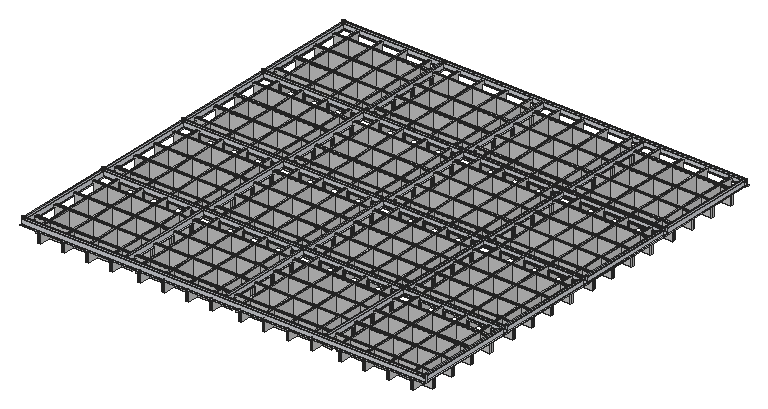
Revit family "GRD-WFL-001_RFA", category Modelos genéricos, Revit 2022 (continued)
Forms (in)
  Extrusion 549, solid
    sketch origin (35.61879, 23.99827, -1.20924) x (0, 1, 0) y (0, 0, -1)
      loop
        line (0.96881, 1.14538) -> (0.96881, -1.85462) -> (0.65631, -1.85462) -> (0.65631, -2.35462) -> (0.96881, -2.35462) -> (3.48948, -2.35462) -> (3.48948, -0.60462) -> (4.19814, -0.60462) -> (4.19814, -2.35462) -> (9.23948, -2.35462) -> (9.23948, -0.60462) -> (9.94814, -0.60462) -> (9.94814, -2.35462) -> (14.98948, -2.35462) -> (14.98948, -0.60462) -> (15.69814, -0.60462) -> (15.69814, -2.35462) -> (20.73948, -2.35462) -> (20.73948, -0.60462) -> (21.44814, -0.60462) -> (21.44814, -2.35462) -> (24.28131, -2.35462) -> (24.28131, -1.85462) -> (23.96881, -1.85462) -> (23.96881, 1.14538) -> (0.96881, 1.14538)
    from -3.96341 to -3.49097
  Extrusion 550, solid
    sketch origin (41.36879, 23.99827, -1.20924) x (0, 1, 0) y (0, 0, -1)
      loop
        line (0.96881, 1.14538) -> (0.96881, -1.85462) -> (0.65631, -1.85462) -> (0.65631, -2.35462) -> (0.96881, -2.35462) -> (3.48948, -2.35462) -> (3.48948, -0.60462) -> (4.19814, -0.60462) -> (4.19814, -2.35462) -> (9.23948, -2.35462) -> (9.23948, -0.60462) -> (9.94814, -0.60462) -> (9.94814, -2.35462) -> (14.98948, -2.35462) -> (14.98948, -0.60462) -> (15.69814, -0.60462) -> (15.69814, -2.35462) -> (20.73948, -2.35462) -> (20.73948, -0.60462) -> (21.44814, -0.60462) -> (21.44814, -2.35462) -> (24.28131, -2.35462) -> (24.28131, -1.85462) -> (23.96881, -1.85462) -> (23.96881, 1.14538) -> (0.96881, 1.14538)
    from -3.96341 to -3.49097
  Extrusion 551, solid
    sketch origin (24.00217, 47.99851, 0) x (1, 0, 0) y (0, 0, 1)
      loop
        line (0.96881, 0.64538) -> (0.96881, -2.35462) -> (3.48948, -2.35462) -> (3.48948, -0.60462) -> (4.19814, -0.60462) -> (4.19814, -2.35462) -> (9.23948, -2.35462) -> (9.23948, -0.60462) -> (9.94814, -0.60462) -> (9.94814, -2.35462) -> (14.98948, -2.35462) -> (14.98948, -0.60462) -> (15.69814, -0.60462) -> (15.69814, -2.35462) -> (20.73948, -2.35462) -> (20.73948, -0.60462) -> (21.44814, -0.60462) -> (21.44814, -2.35462) -> (23.96881, -2.35462) -> (23.96881, 0.64538) -> (24.28131, 0.64538) -> (24.28131, 1.14538) -> (0.65631, 1.14538) -> (0.65631, 0.64538) -> (0.96881, 0.64538)
    from -3.60908 to -3.49097
  Extrusion 552, solid
    sketch origin (24.00217, 47.99851, 0) x (1, 0, 0) y (0, 0, 1)
      loop
        line (0.96881, 0.64538) -> (0.96881, -2.35462) -> (3.48948, -2.35462) -> (3.48948, -0.60462) -> (4.19814, -0.60462) -> (4.19814, -2.35462) -> (9.23948, -2.35462) -> (9.23948, -0.60462) -> (9.94814, -0.60462) -> (9.94814, -2.35462) -> (14.98948, -2.35462) -> (14.98948, -0.60462) -> (15.69814, -0.60462) -> (15.69814, -2.35462) -> (20.73948, -2.35462) -> (20.73948, -0.60462) -> (21.44814, -0.60462) -> (21.44814, -2.35462) -> (23.96881, -2.35462) -> (23.96881, 0.64538) -> (24.28131, 0.64538) -> (24.28131, 1.14538) -> (0.65631, 1.14538) -> (0.65631, 0.64538) -> (0.96881, 0.64538)
    from -4.08152 to -3.60908
  Extrusion 553, solid
    sketch origin (24.00217, 47.99851, 0) x (1, 0, 0) y (0, 0, 1)
      loop
        line (0.96881, 0.64538) -> (0.96881, -2.35462) -> (3.48948, -2.35462) -> (3.48948, -0.60462) -> (4.19814, -0.60462) -> (4.19814, -2.35462) -> (9.23948, -2.35462) -> (9.23948, -0.60462) -> (9.94814, -0.60462) -> (9.94814, -2.35462) -> (14.98948, -2.35462) -> (14.98948, -0.60462) -> (15.69814, -0.60462) -> (15.69814, -2.35462) -> (20.73948, -2.35462) -> (20.73948, -0.60462) -> (21.44814, -0.60462) -> (21.44814, -2.35462) -> (23.96881, -2.35462) -> (23.96881, 0.64538) -> (24.28131, 0.64538) -> (24.28131, 1.14538) -> (0.65631, 1.14538) -> (0.65631, 0.64538) -> (0.96881, 0.64538)
    from -4.19963 to -4.08152
  Extrusion 554, solid
    sketch origin (24.00068, 47.99999, -1.20924) x (0, 1, 0) y (0, 0, -1)
      loop
        line (0.96881, 1.14538) -> (0.96881, -1.85462) -> (0.65631, -1.85462) -> (0.65631, -2.35462) -> (0.96881, -2.35462) -> (3.48948, -2.35462) -> (3.48948, -0.60462) -> (4.19814, -0.60462) -> (4.19814, -2.35462) -> (9.23948, -2.35462) -> (9.23948, -0.60462) -> (9.94814, -0.60462) -> (9.94814, -2.35462) -> (14.98948, -2.35462) -> (14.98948, -0.60462) -> (15.69814, -0.60462) -> (15.69814, -2.35462) -> (20.73948, -2.35462) -> (20.73948, -0.60462) -> (21.44814, -0.60462) -> (21.44814, -2.35462) -> (24.28131, -2.35462) -> (24.28131, -1.85462) -> (23.96881, -1.85462) -> (23.96881, 1.14538) -> (0.96881, 1.14538)
    from -3.60908 to -3.49097
  Extrusion 555, solid
    sketch origin (24.11879, 47.99999, -1.20924) x (0, 1, 0) y (0, 0, -1)
      loop
        line (0.96881, 1.14538) -> (0.96881, -1.85462) -> (0.65631, -1.85462) -> (0.65631, -2.35462) -> (0.96881, -2.35462) -> (3.48948, -2.35462) -> (3.48948, -0.60462) -> (4.19814, -0.60462) -> (4.19814, -2.35462) -> (9.23948, -2.35462) -> (9.23948, -0.60462) -> (9.94814, -0.60462) -> (9.94814, -2.35462) -> (14.98948, -2.35462) -> (14.98948, -0.60462) -> (15.69814, -0.60462) -> (15.69814, -2.35462) -> (20.73948, -2.35462) -> (20.73948, -0.60462) -> (21.44814, -0.60462) -> (21.44814, -2.35462) -> (24.28131, -2.35462) -> (24.28131, -1.85462) -> (23.96881, -1.85462) -> (23.96881, 1.14538) -> (0.96881, 1.14538)
    from -3.96341 to -3.49097
  Extrusion 556, solid
    sketch origin (24.00068, 47.99999, -1.20924) x (0, 1, 0) y (0, 0, -1)
      loop
        line (0.96881, 1.14538) -> (0.96881, -1.85462) -> (0.65631, -1.85462) -> (0.65631, -2.35462) -> (0.96881, -2.35462) -> (3.48948, -2.35462) -> (3.48948, -0.60462) -> (4.19814, -0.60462) -> (4.19814, -2.35462) -> (9.23948, -2.35462) -> (9.23948, -0.60462) -> (9.94814, -0.60462) -> (9.94814, -2.35462) -> (14.98948, -2.35462) -> (14.98948, -0.60462) -> (15.69814, -0.60462) -> (15.69814, -2.35462) -> (20.73948, -2.35462) -> (20.73948, -0.60462) -> (21.44814, -0.60462) -> (21.44814, -2.35462) -> (24.28131, -2.35462) -> (24.28131, -1.85462) -> (23.96881, -1.85462) -> (23.96881, 1.14538) -> (0.96881, 1.14538)
    from -4.19963 to -4.08152
  Extrusion 557, solid
    sketch origin (24.00217, 47.99851, 0) x (1, 0, 0) y (0, 0, 1)
      loop
        line (0.96881, 0.64538) -> (0.96881, -2.35462) -> (3.48948, -2.35462) -> (3.48948, -0.60462) -> (4.19814, -0.60462) -> (4.19814, -2.35462) -> (9.23948, -2.35462) -> (9.23948, -0.60462) -> (9.94814, -0.60462) -> (9.94814, -2.35462) -> (14.98948, -2.35462) -> (14.98948, -0.60462) -> (15.69814, -0.60462) -> (15.69814, -2.35462) -> (20.73948, -2.35462) -> (20.73948, -0.60462) -> (21.44814, -0.60462) -> (21.44814, -2.35462) -> (23.96881, -2.35462) -> (23.96881, 0.64538) -> (24.28131, 0.64538) -> (24.28131, 1.14538) -> (0.65631, 1.14538) -> (0.65631, 0.64538) -> (0.96881, 0.64538)
    from -9.94963 to -9.83152
  Extrusion 558, solid
    sketch origin (24.00217, 47.99851, 0) x (1, 0, 0) y (0, 0, 1)
      loop
        line (0.96881, 0.64538) -> (0.96881, -2.35462) -> (3.48948, -2.35462) -> (3.48948, -0.60462) -> (4.19814, -0.60462) -> (4.19814, -2.35462) -> (9.23948, -2.35462) -> (9.23948, -0.60462) -> (9.94814, -0.60462) -> (9.94814, -2.35462) -> (14.98948, -2.35462) -> (14.98948, -0.60462) -> (15.69814, -0.60462) -> (15.69814, -2.35462) -> (20.73948, -2.35462) -> (20.73948, -0.60462) -> (21.44814, -0.60462) -> (21.44814, -2.35462) -> (23.96881, -2.35462) -> (23.96881, 0.64538) -> (24.28131, 0.64538) -> (24.28131, 1.14538) -> (0.65631, 1.14538) -> (0.65631, 0.64538) -> (0.96881, 0.64538)
    from -9.35908 to -9.24097
  Extrusion 559, solid
    sketch origin (24.00217, 47.99851, 0) x (1, 0, 0) y (0, 0, 1)
      loop
        line (0.96881, 0.64538) -> (0.96881, -2.35462) -> (3.48948, -2.35462) -> (3.48948, -0.60462) -> (4.19814, -0.60462) -> (4.19814, -2.35462) -> (9.23948, -2.35462) -> (9.23948, -0.60462) -> (9.94814, -0.60462) -> (9.94814, -2.35462) -> (14.98948, -2.35462) -> (14.98948, -0.60462) -> (15.69814, -0.60462) -> (15.69814, -2.35462) -> (20.73948, -2.35462) -> (20.73948, -0.60462) -> (21.44814, -0.60462) -> (21.44814, -2.35462) -> (23.96881, -2.35462) -> (23.96881, 0.64538) -> (24.28131, 0.64538) -> (24.28131, 1.14538) -> (0.65631, 1.14538) -> (0.65631, 0.64538) -> (0.96881, 0.64538)
    from -9.83152 to -9.35908
  Extrusion 560, solid
    sketch origin (24.00217, 47.99851, 0) x (1, 0, 0) y (0, 0, 1)
      loop
        line (0.96881, 0.64538) -> (0.96881, -2.35462) -> (3.48948, -2.35462) -> (3.48948, -0.60462) -> (4.19814, -0.60462) -> (4.19814, -2.35462) -> (9.23948, -2.35462) -> (9.23948, -0.60462) -> (9.94814, -0.60462) -> (9.94814, -2.35462) -> (14.98948, -2.35462) -> (14.98948, -0.60462) -> (15.69814, -0.60462) -> (15.69814, -2.35462) -> (20.73948, -2.35462) -> (20.73948, -0.60462) -> (21.44814, -0.60462) -> (21.44814, -2.35462) -> (23.96881, -2.35462) -> (23.96881, 0.64538) -> (24.28131, 0.64538) -> (24.28131, 1.14538) -> (0.65631, 1.14538) -> (0.65631, 0.64538) -> (0.96881, 0.64538)
    from -15.69963 to -15.58152
  Extrusion 561, solid
    sketch origin (24.00217, 47.99851, 0) x (1, 0, 0) y (0, 0, 1)
      loop
        line (0.96881, 0.64538) -> (0.96881, -2.35462) -> (3.48948, -2.35462) -> (3.48948, -0.60462) -> (4.19814, -0.60462) -> (4.19814, -2.35462) -> (9.23948, -2.35462) -> (9.23948, -0.60462) -> (9.94814, -0.60462) -> (9.94814, -2.35462) -> (14.98948, -2.35462) -> (14.98948, -0.60462) -> (15.69814, -0.60462) -> (15.69814, -2.35462) -> (20.73948, -2.35462) -> (20.73948, -0.60462) -> (21.44814, -0.60462) -> (21.44814, -2.35462) -> (23.96881, -2.35462) -> (23.96881, 0.64538) -> (24.28131, 0.64538) -> (24.28131, 1.14538) -> (0.65631, 1.14538) -> (0.65631, 0.64538) -> (0.96881, 0.64538)
    from -15.10908 to -14.99097
  Extrusion 562, solid
    sketch origin (24.00217, 47.99851, 0) x (1, 0, 0) y (0, 0, 1)
      loop
        line (0.96881, 0.64538) -> (0.96881, -2.35462) -> (3.48948, -2.35462) -> (3.48948, -0.60462) -> (4.19814, -0.60462) -> (4.19814, -2.35462) -> (9.23948, -2.35462) -> (9.23948, -0.60462) -> (9.94814, -0.60462) -> (9.94814, -2.35462) -> (14.98948, -2.35462) -> (14.98948, -0.60462) -> (15.69814, -0.60462) -> (15.69814, -2.35462) -> (20.73948, -2.35462) -> (20.73948, -0.60462) -> (21.44814, -0.60462) -> (21.44814, -2.35462) -> (23.96881, -2.35462) -> (23.96881, 0.64538) -> (24.28131, 0.64538) -> (24.28131, 1.14538) -> (0.65631, 1.14538) -> (0.65631, 0.64538) -> (0.96881, 0.64538)
    from -15.58152 to -15.10908
  Extrusion 563, solid
    sketch origin (24.00217, 47.99851, 0) x (1, 0, 0) y (0, 0, 1)
      loop
        line (0.96881, 0.64538) -> (0.96881, -2.35462) -> (3.48948, -2.35462) -> (3.48948, -0.60462) -> (4.19814, -0.60462) -> (4.19814, -2.35462) -> (9.23948, -2.35462) -> (9.23948, -0.60462) -> (9.94814, -0.60462) -> (9.94814, -2.35462) -> (14.98948, -2.35462) -> (14.98948, -0.60462) -> (15.69814, -0.60462) -> (15.69814, -2.35462) -> (20.73948, -2.35462) -> (20.73948, -0.60462) -> (21.44814, -0.60462) -> (21.44814, -2.35462) -> (23.96881, -2.35462) -> (23.96881, 0.64538) -> (24.28131, 0.64538) -> (24.28131, 1.14538) -> (0.65631, 1.14538) -> (0.65631, 0.64538) -> (0.96881, 0.64538)
    from -21.44963 to -21.33152
  Extrusion 564, solid
    sketch origin (24.00217, 47.99851, 0) x (1, 0, 0) y (0, 0, 1)
      loop
        line (0.96881, 0.64538) -> (0.96881, -2.35462) -> (3.48948, -2.35462) -> (3.48948, -0.60462) -> (4.19814, -0.60462) -> (4.19814, -2.35462) -> (9.23948, -2.35462) -> (9.23948, -0.60462) -> (9.94814, -0.60462) -> (9.94814, -2.35462) -> (14.98948, -2.35462) -> (14.98948, -0.60462) -> (15.69814, -0.60462) -> (15.69814, -2.35462) -> (20.73948, -2.35462) -> (20.73948, -0.60462) -> (21.44814, -0.60462) -> (21.44814, -2.35462) -> (23.96881, -2.35462) -> (23.96881, 0.64538) -> (24.28131, 0.64538) -> (24.28131, 1.14538) -> (0.65631, 1.14538) -> (0.65631, 0.64538) -> (0.96881, 0.64538)
    from -20.85908 to -20.74097
  Extrusion 565, solid
    sketch origin (24.00217, 47.99851, 0) x (1, 0, 0) y (0, 0, 1)
      loop
        line (0.96881, 0.64538) -> (0.96881, -2.35462) -> (3.48948, -2.35462) -> (3.48948, -0.60462) -> (4.19814, -0.60462) -> (4.19814, -2.35462) -> (9.23948, -2.35462) -> (9.23948, -0.60462) -> (9.94814, -0.60462) -> (9.94814, -2.35462) -> (14.98948, -2.35462) -> (14.98948, -0.60462) -> (15.69814, -0.60462) -> (15.69814, -2.35462) -> (20.73948, -2.35462) -> (20.73948, -0.60462) -> (21.44814, -0.60462) -> (21.44814, -2.35462) -> (23.96881, -2.35462) -> (23.96881, 0.64538) -> (24.28131, 0.64538) -> (24.28131, 1.14538) -> (0.65631, 1.14538) -> (0.65631, 0.64538) -> (0.96881, 0.64538)
    from -21.33152 to -20.85908
  Extrusion 566, solid
    sketch origin (29.75068, 47.99999, -1.20924) x (0, 1, 0) y (0, 0, -1)
      loop
        line (0.96881, 1.14538) -> (0.96881, -1.85462) -> (0.65631, -1.85462) -> (0.65631, -2.35462) -> (0.96881, -2.35462) -> (3.48948, -2.35462) -> (3.48948, -0.60462) -> (4.19814, -0.60462) -> (4.19814, -2.35462) -> (9.23948, -2.35462) -> (9.23948, -0.60462) -> (9.94814, -0.60462) -> (9.94814, -2.35462) -> (14.98948, -2.35462) -> (14.98948, -0.60462) -> (15.69814, -0.60462) -> (15.69814, -2.35462) -> (20.73948, -2.35462) -> (20.73948, -0.60462) -> (21.44814, -0.60462) -> (21.44814, -2.35462) -> (24.28131, -2.35462) -> (24.28131, -1.85462) -> (23.96881, -1.85462) -> (23.96881, 1.14538) -> (0.96881, 1.14538)
    from -4.19963 to -4.08152
  Extrusion 567, solid
    sketch origin (29.16013, 47.99999, -1.20924) x (0, 1, 0) y (0, 0, -1)
      loop
        line (0.96881, 1.14538) -> (0.96881, -1.85462) -> (0.65631, -1.85462) -> (0.65631, -2.35462) -> (0.96881, -2.35462) -> (3.48948, -2.35462) -> (3.48948, -0.60462) -> (4.19814, -0.60462) -> (4.19814, -2.35462) -> (9.23948, -2.35462) -> (9.23948, -0.60462) -> (9.94814, -0.60462) -> (9.94814, -2.35462) -> (14.98948, -2.35462) -> (14.98948, -0.60462) -> (15.69814, -0.60462) -> (15.69814, -2.35462) -> (20.73948, -2.35462) -> (20.73948, -0.60462) -> (21.44814, -0.60462) -> (21.44814, -2.35462) -> (24.28131, -2.35462) -> (24.28131, -1.85462) -> (23.96881, -1.85462) -> (23.96881, 1.14538) -> (0.96881, 1.14538)
    from -4.19963 to -4.08152
  Extrusion 568, solid
    sketch origin (35.50068, 47.99999, -1.20924) x (0, 1, 0) y (0, 0, -1)
      loop
        line (0.96881, 1.14538) -> (0.96881, -1.85462) -> (0.65631, -1.85462) -> (0.65631, -2.35462) -> (0.96881, -2.35462) -> (3.48948, -2.35462) -> (3.48948, -0.60462) -> (4.19814, -0.60462) -> (4.19814, -2.35462) -> (9.23948, -2.35462) -> (9.23948, -0.60462) -> (9.94814, -0.60462) -> (9.94814, -2.35462) -> (14.98948, -2.35462) -> (14.98948, -0.60462) -> (15.69814, -0.60462) -> (15.69814, -2.35462) -> (20.73948, -2.35462) -> (20.73948, -0.60462) -> (21.44814, -0.60462) -> (21.44814, -2.35462) -> (24.28131, -2.35462) -> (24.28131, -1.85462) -> (23.96881, -1.85462) -> (23.96881, 1.14538) -> (0.96881, 1.14538)
    from -4.19963 to -4.08152
  Extrusion 569, solid
    sketch origin (34.91013, 47.99999, -1.20924) x (0, 1, 0) y (0, 0, -1)
      loop
        line (0.96881, 1.14538) -> (0.96881, -1.85462) -> (0.65631, -1.85462) -> (0.65631, -2.35462) -> (0.96881, -2.35462) -> (3.48948, -2.35462) -> (3.48948, -0.60462) -> (4.19814, -0.60462) -> (4.19814, -2.35462) -> (9.23948, -2.35462) -> (9.23948, -0.60462) -> (9.94814, -0.60462) -> (9.94814, -2.35462) -> (14.98948, -2.35462) -> (14.98948, -0.60462) -> (15.69814, -0.60462) -> (15.69814, -2.35462) -> (20.73948, -2.35462) -> (20.73948, -0.60462) -> (21.44814, -0.60462) -> (21.44814, -2.35462) -> (24.28131, -2.35462) -> (24.28131, -1.85462) -> (23.96881, -1.85462) -> (23.96881, 1.14538) -> (0.96881, 1.14538)
    from -4.19963 to -4.08152
  Extrusion 570, solid
    sketch origin (40.66013, 47.99999, -1.20924) x (0, 1, 0) y (0, 0, -1)
      loop
        line (0.96881, 1.14538) -> (0.96881, -1.85462) -> (0.65631, -1.85462) -> (0.65631, -2.35462) -> (0.96881, -2.35462) -> (3.48948, -2.35462) -> (3.48948, -0.60462) -> (4.19814, -0.60462) -> (4.19814, -2.35462) -> (9.23948, -2.35462) -> (9.23948, -0.60462) -> (9.94814, -0.60462) -> (9.94814, -2.35462) -> (14.98948, -2.35462) -> (14.98948, -0.60462) -> (15.69814, -0.60462) -> (15.69814, -2.35462) -> (20.73948, -2.35462) -> (20.73948, -0.60462) -> (21.44814, -0.60462) -> (21.44814, -2.35462) -> (24.28131, -2.35462) -> (24.28131, -1.85462) -> (23.96881, -1.85462) -> (23.96881, 1.14538) -> (0.96881, 1.14538)
    from -4.19963 to -4.08152
  Extrusion 571, solid
    sketch origin (41.25068, 47.99999, -1.20924) x (0, 1, 0) y (0, 0, -1)
      loop
        line (0.96881, 1.14538) -> (0.96881, -1.85462) -> (0.65631, -1.85462) -> (0.65631, -2.35462) -> (0.96881, -2.35462) -> (3.48948, -2.35462) -> (3.48948, -0.60462) -> (4.19814, -0.60462) -> (4.19814, -2.35462) -> (9.23948, -2.35462) -> (9.23948, -0.60462) -> (9.94814, -0.60462) -> (9.94814, -2.35462) -> (14.98948, -2.35462) -> (14.98948, -0.60462) -> (15.69814, -0.60462) -> (15.69814, -2.35462) -> (20.73948, -2.35462) -> (20.73948, -0.60462) -> (21.44814, -0.60462) -> (21.44814, -2.35462) -> (24.28131, -2.35462) -> (24.28131, -1.85462) -> (23.96881, -1.85462) -> (23.96881, 1.14538) -> (0.96881, 1.14538)
    from -4.19963 to -4.08152
  Extrusion 572, solid
    sketch origin (29.86879, 47.99999, -1.20924) x (0, 1, 0) y (0, 0, -1)
      loop
        line (0.96881, 1.14538) -> (0.96881, -1.85462) -> (0.65631, -1.85462) -> (0.65631, -2.35462) -> (0.96881, -2.35462) -> (3.48948, -2.35462) -> (3.48948, -0.60462) -> (4.19814, -0.60462) -> (4.19814, -2.35462) -> (9.23948, -2.35462) -> (9.23948, -0.60462) -> (9.94814, -0.60462) -> (9.94814, -2.35462) -> (14.98948, -2.35462) -> (14.98948, -0.60462) -> (15.69814, -0.60462) -> (15.69814, -2.35462) -> (20.73948, -2.35462) -> (20.73948, -0.60462) -> (21.44814, -0.60462) -> (21.44814, -2.35462) -> (24.28131, -2.35462) -> (24.28131, -1.85462) -> (23.96881, -1.85462) -> (23.96881, 1.14538) -> (0.96881, 1.14538)
    from -3.96341 to -3.49097
  Extrusion 573, solid
    sketch origin (35.61879, 47.99999, -1.20924) x (0, 1, 0) y (0, 0, -1)
      loop
        line (0.96881, 1.14538) -> (0.96881, -1.85462) -> (0.65631, -1.85462) -> (0.65631, -2.35462) -> (0.96881, -2.35462) -> (3.48948, -2.35462) -> (3.48948, -0.60462) -> (4.19814, -0.60462) -> (4.19814, -2.35462) -> (9.23948, -2.35462) -> (9.23948, -0.60462) -> (9.94814, -0.60462) -> (9.94814, -2.35462) -> (14.98948, -2.35462) -> (14.98948, -0.60462) -> (15.69814, -0.60462) -> (15.69814, -2.35462) -> (20.73948, -2.35462) -> (20.73948, -0.60462) -> (21.44814, -0.60462) -> (21.44814, -2.35462) -> (24.28131, -2.35462) -> (24.28131, -1.85462) -> (23.96881, -1.85462) -> (23.96881, 1.14538) -> (0.96881, 1.14538)
    from -3.96341 to -3.49097
  Extrusion 574, solid
    sketch origin (41.36879, 47.99999, -1.20924) x (0, 1, 0) y (0, 0, -1)
      loop
        line (0.96881, 1.14538) -> (0.96881, -1.85462) -> (0.65631, -1.85462) -> (0.65631, -2.35462) -> (0.96881, -2.35462) -> (3.48948, -2.35462) -> (3.48948, -0.60462) -> (4.19814, -0.60462) -> (4.19814, -2.35462) -> (9.23948, -2.35462) -> (9.23948, -0.60462) -> (9.94814, -0.60462) -> (9.94814, -2.35462) -> (14.98948, -2.35462) -> (14.98948, -0.60462) -> (15.69814, -0.60462) -> (15.69814, -2.35462) -> (20.73948, -2.35462) -> (20.73948, -0.60462) -> (21.44814, -0.60462) -> (21.44814, -2.35462) -> (24.28131, -2.35462) -> (24.28131, -1.85462) -> (23.96881, -1.85462) -> (23.96881, 1.14538) -> (0.96881, 1.14538)
    from -3.96341 to -3.49097
  Extrusion 575, solid
    sketch origin (24.00217, 71.99679, 0) x (1, 0, 0) y (0, 0, 1)
      loop
        line (0.96881, 0.64538) -> (0.96881, -2.35462) -> (3.48948, -2.35462) -> (3.48948, -0.60462) -> (4.19814, -0.60462) -> (4.19814, -2.35462) -> (9.23948, -2.35462) -> (9.23948, -0.60462) -> (9.94814, -0.60462) -> (9.94814, -2.35462) -> (14.98948, -2.35462) -> (14.98948, -0.60462) -> (15.69814, -0.60462) -> (15.69814, -2.35462) -> (20.73948, -2.35462) -> (20.73948, -0.60462) -> (21.44814, -0.60462) -> (21.44814, -2.35462) -> (23.96881, -2.35462) -> (23.96881, 0.64538) -> (24.28131, 0.64538) -> (24.28131, 1.14538) -> (0.65631, 1.14538) -> (0.65631, 0.64538) -> (0.96881, 0.64538)
    from -3.60908 to -3.49097
  Extrusion 576, solid
    sketch origin (24.00217, 71.99679, 0) x (1, 0, 0) y (0, 0, 1)
      loop
        line (0.96881, 0.64538) -> (0.96881, -2.35462) -> (3.48948, -2.35462) -> (3.48948, -0.60462) -> (4.19814, -0.60462) -> (4.19814, -2.35462) -> (9.23948, -2.35462) -> (9.23948, -0.60462) -> (9.94814, -0.60462) -> (9.94814, -2.35462) -> (14.98948, -2.35462) -> (14.98948, -0.60462) -> (15.69814, -0.60462) -> (15.69814, -2.35462) -> (20.73948, -2.35462) -> (20.73948, -0.60462) -> (21.44814, -0.60462) -> (21.44814, -2.35462) -> (23.96881, -2.35462) -> (23.96881, 0.64538) -> (24.28131, 0.64538) -> (24.28131, 1.14538) -> (0.65631, 1.14538) -> (0.65631, 0.64538) -> (0.96881, 0.64538)
    from -4.08152 to -3.60908
  Extrusion 577, solid
    sketch origin (24.00217, 71.99679, 0) x (1, 0, 0) y (0, 0, 1)
      loop
        line (0.96881, 0.64538) -> (0.96881, -2.35462) -> (3.48948, -2.35462) -> (3.48948, -0.60462) -> (4.19814, -0.60462) -> (4.19814, -2.35462) -> (9.23948, -2.35462) -> (9.23948, -0.60462) -> (9.94814, -0.60462) -> (9.94814, -2.35462) -> (14.98948, -2.35462) -> (14.98948, -0.60462) -> (15.69814, -0.60462) -> (15.69814, -2.35462) -> (20.73948, -2.35462) -> (20.73948, -0.60462) -> (21.44814, -0.60462) -> (21.44814, -2.35462) -> (23.96881, -2.35462) -> (23.96881, 0.64538) -> (24.28131, 0.64538) -> (24.28131, 1.14538) -> (0.65631, 1.14538) -> (0.65631, 0.64538) -> (0.96881, 0.64538)
    from -4.19963 to -4.08152
  Extrusion 578, solid
    sketch origin (24.00068, 71.99827, -1.20924) x (0, 1, 0) y (0, 0, -1)
      loop
        line (0.96881, 1.14538) -> (0.96881, -1.85462) -> (0.65631, -1.85462) -> (0.65631, -2.35462) -> (0.96881, -2.35462) -> (3.48948, -2.35462) -> (3.48948, -0.60462) -> (4.19814, -0.60462) -> (4.19814, -2.35462) -> (9.23948, -2.35462) -> (9.23948, -0.60462) -> (9.94814, -0.60462) -> (9.94814, -2.35462) -> (14.98948, -2.35462) -> (14.98948, -0.60462) -> (15.69814, -0.60462) -> (15.69814, -2.35462) -> (20.73948, -2.35462) -> (20.73948, -0.60462) -> (21.44814, -0.60462) -> (21.44814, -2.35462) -> (24.28131, -2.35462) -> (24.28131, -1.85462) -> (23.96881, -1.85462) -> (23.96881, 1.14538) -> (0.96881, 1.14538)
    from -3.60908 to -3.49097
  Extrusion 579, solid
    sketch origin (24.11879, 71.99827, -1.20924) x (0, 1, 0) y (0, 0, -1)
      loop
        line (0.96881, 1.14538) -> (0.96881, -1.85462) -> (0.65631, -1.85462) -> (0.65631, -2.35462) -> (0.96881, -2.35462) -> (3.48948, -2.35462) -> (3.48948, -0.60462) -> (4.19814, -0.60462) -> (4.19814, -2.35462) -> (9.23948, -2.35462) -> (9.23948, -0.60462) -> (9.94814, -0.60462) -> (9.94814, -2.35462) -> (14.98948, -2.35462) -> (14.98948, -0.60462) -> (15.69814, -0.60462) -> (15.69814, -2.35462) -> (20.73948, -2.35462) -> (20.73948, -0.60462) -> (21.44814, -0.60462) -> (21.44814, -2.35462) -> (24.28131, -2.35462) -> (24.28131, -1.85462) -> (23.96881, -1.85462) -> (23.96881, 1.14538) -> (0.96881, 1.14538)
    from -3.96341 to -3.49097
  Extrusion 580, solid
    sketch origin (24.00068, 71.99827, -1.20924) x (0, 1, 0) y (0, 0, -1)
      loop
        line (0.96881, 1.14538) -> (0.96881, -1.85462) -> (0.65631, -1.85462) -> (0.65631, -2.35462) -> (0.96881, -2.35462) -> (3.48948, -2.35462) -> (3.48948, -0.60462) -> (4.19814, -0.60462) -> (4.19814, -2.35462) -> (9.23948, -2.35462) -> (9.23948, -0.60462) -> (9.94814, -0.60462) -> (9.94814, -2.35462) -> (14.98948, -2.35462) -> (14.98948, -0.60462) -> (15.69814, -0.60462) -> (15.69814, -2.35462) -> (20.73948, -2.35462) -> (20.73948, -0.60462) -> (21.44814, -0.60462) -> (21.44814, -2.35462) -> (24.28131, -2.35462) -> (24.28131, -1.85462) -> (23.96881, -1.85462) -> (23.96881, 1.14538) -> (0.96881, 1.14538)
    from -4.19963 to -4.08152
  Extrusion 581, solid
    sketch origin (24.00217, 71.99679, 0) x (1, 0, 0) y (0, 0, 1)
      loop
        line (0.96881, 0.64538) -> (0.96881, -2.35462) -> (3.48948, -2.35462) -> (3.48948, -0.60462) -> (4.19814, -0.60462) -> (4.19814, -2.35462) -> (9.23948, -2.35462) -> (9.23948, -0.60462) -> (9.94814, -0.60462) -> (9.94814, -2.35462) -> (14.98948, -2.35462) -> (14.98948, -0.60462) -> (15.69814, -0.60462) -> (15.69814, -2.35462) -> (20.73948, -2.35462) -> (20.73948, -0.60462) -> (21.44814, -0.60462) -> (21.44814, -2.35462) -> (23.96881, -2.35462) -> (23.96881, 0.64538) -> (24.28131, 0.64538) -> (24.28131, 1.14538) -> (0.65631, 1.14538) -> (0.65631, 0.64538) -> (0.96881, 0.64538)
    from -9.94963 to -9.83152
  Extrusion 582, solid
    sketch origin (24.00217, 71.99679, 0) x (1, 0, 0) y (0, 0, 1)
      loop
        line (0.96881, 0.64538) -> (0.96881, -2.35462) -> (3.48948, -2.35462) -> (3.48948, -0.60462) -> (4.19814, -0.60462) -> (4.19814, -2.35462) -> (9.23948, -2.35462) -> (9.23948, -0.60462) -> (9.94814, -0.60462) -> (9.94814, -2.35462) -> (14.98948, -2.35462) -> (14.98948, -0.60462) -> (15.69814, -0.60462) -> (15.69814, -2.35462) -> (20.73948, -2.35462) -> (20.73948, -0.60462) -> (21.44814, -0.60462) -> (21.44814, -2.35462) -> (23.96881, -2.35462) -> (23.96881, 0.64538) -> (24.28131, 0.64538) -> (24.28131, 1.14538) -> (0.65631, 1.14538) -> (0.65631, 0.64538) -> (0.96881, 0.64538)
    from -9.35908 to -9.24097
  Extrusion 583, solid
    sketch origin (24.00217, 71.99679, 0) x (1, 0, 0) y (0, 0, 1)
      loop
        line (0.96881, 0.64538) -> (0.96881, -2.35462) -> (3.48948, -2.35462) -> (3.48948, -0.60462) -> (4.19814, -0.60462) -> (4.19814, -2.35462) -> (9.23948, -2.35462) -> (9.23948, -0.60462) -> (9.94814, -0.60462) -> (9.94814, -2.35462) -> (14.98948, -2.35462) -> (14.98948, -0.60462) -> (15.69814, -0.60462) -> (15.69814, -2.35462) -> (20.73948, -2.35462) -> (20.73948, -0.60462) -> (21.44814, -0.60462) -> (21.44814, -2.35462) -> (23.96881, -2.35462) -> (23.96881, 0.64538) -> (24.28131, 0.64538) -> (24.28131, 1.14538) -> (0.65631, 1.14538) -> (0.65631, 0.64538) -> (0.96881, 0.64538)
    from -9.83152 to -9.35908
  Extrusion 584, solid
    sketch origin (24.00217, 71.99679, 0) x (1, 0, 0) y (0, 0, 1)
      loop
        line (0.96881, 0.64538) -> (0.96881, -2.35462) -> (3.48948, -2.35462) -> (3.48948, -0.60462) -> (4.19814, -0.60462) -> (4.19814, -2.35462) -> (9.23948, -2.35462) -> (9.23948, -0.60462) -> (9.94814, -0.60462) -> (9.94814, -2.35462) -> (14.98948, -2.35462) -> (14.98948, -0.60462) -> (15.69814, -0.60462) -> (15.69814, -2.35462) -> (20.73948, -2.35462) -> (20.73948, -0.60462) -> (21.44814, -0.60462) -> (21.44814, -2.35462) -> (23.96881, -2.35462) -> (23.96881, 0.64538) -> (24.28131, 0.64538) -> (24.28131, 1.14538) -> (0.65631, 1.14538) -> (0.65631, 0.64538) -> (0.96881, 0.64538)
    from -15.69963 to -15.58152
  Extrusion 585, solid
    sketch origin (24.00217, 71.99679, 0) x (1, 0, 0) y (0, 0, 1)
      loop
        line (0.96881, 0.64538) -> (0.96881, -2.35462) -> (3.48948, -2.35462) -> (3.48948, -0.60462) -> (4.19814, -0.60462) -> (4.19814, -2.35462) -> (9.23948, -2.35462) -> (9.23948, -0.60462) -> (9.94814, -0.60462) -> (9.94814, -2.35462) -> (14.98948, -2.35462) -> (14.98948, -0.60462) -> (15.69814, -0.60462) -> (15.69814, -2.35462) -> (20.73948, -2.35462) -> (20.73948, -0.60462) -> (21.44814, -0.60462) -> (21.44814, -2.35462) -> (23.96881, -2.35462) -> (23.96881, 0.64538) -> (24.28131, 0.64538) -> (24.28131, 1.14538) -> (0.65631, 1.14538) -> (0.65631, 0.64538) -> (0.96881, 0.64538)
    from -15.10908 to -14.99097
  Extrusion 586, solid
    sketch origin (24.00217, 71.99679, 0) x (1, 0, 0) y (0, 0, 1)
      loop
        line (0.96881, 0.64538) -> (0.96881, -2.35462) -> (3.48948, -2.35462) -> (3.48948, -0.60462) -> (4.19814, -0.60462) -> (4.19814, -2.35462) -> (9.23948, -2.35462) -> (9.23948, -0.60462) -> (9.94814, -0.60462) -> (9.94814, -2.35462) -> (14.98948, -2.35462) -> (14.98948, -0.60462) -> (15.69814, -0.60462) -> (15.69814, -2.35462) -> (20.73948, -2.35462) -> (20.73948, -0.60462) -> (21.44814, -0.60462) -> (21.44814, -2.35462) -> (23.96881, -2.35462) -> (23.96881, 0.64538) -> (24.28131, 0.64538) -> (24.28131, 1.14538) -> (0.65631, 1.14538) -> (0.65631, 0.64538) -> (0.96881, 0.64538)
    from -15.58152 to -15.10908
  Extrusion 587, solid
    sketch origin (24.00217, 71.99679, 0) x (1, 0, 0) y (0, 0, 1)
      loop
        line (0.96881, 0.64538) -> (0.96881, -2.35462) -> (3.48948, -2.35462) -> (3.48948, -0.60462) -> (4.19814, -0.60462) -> (4.19814, -2.35462) -> (9.23948, -2.35462) -> (9.23948, -0.60462) -> (9.94814, -0.60462) -> (9.94814, -2.35462) -> (14.98948, -2.35462) -> (14.98948, -0.60462) -> (15.69814, -0.60462) -> (15.69814, -2.35462) -> (20.73948, -2.35462) -> (20.73948, -0.60462) -> (21.44814, -0.60462) -> (21.44814, -2.35462) -> (23.96881, -2.35462) -> (23.96881, 0.64538) -> (24.28131, 0.64538) -> (24.28131, 1.14538) -> (0.65631, 1.14538) -> (0.65631, 0.64538) -> (0.96881, 0.64538)
    from -21.44963 to -21.33152
  Extrusion 588, solid
    sketch origin (24.00217, 71.99679, 0) x (1, 0, 0) y (0, 0, 1)
      loop
        line (0.96881, 0.64538) -> (0.96881, -2.35462) -> (3.48948, -2.35462) -> (3.48948, -0.60462) -> (4.19814, -0.60462) -> (4.19814, -2.35462) -> (9.23948, -2.35462) -> (9.23948, -0.60462) -> (9.94814, -0.60462) -> (9.94814, -2.35462) -> (14.98948, -2.35462) -> (14.98948, -0.60462) -> (15.69814, -0.60462) -> (15.69814, -2.35462) -> (20.73948, -2.35462) -> (20.73948, -0.60462) -> (21.44814, -0.60462) -> (21.44814, -2.35462) -> (23.96881, -2.35462) -> (23.96881, 0.64538) -> (24.28131, 0.64538) -> (24.28131, 1.14538) -> (0.65631, 1.14538) -> (0.65631, 0.64538) -> (0.96881, 0.64538)
    from -20.85908 to -20.74097
  Extrusion 589, solid
    sketch origin (24.00217, 71.99679, 0) x (1, 0, 0) y (0, 0, 1)
      loop
        line (0.96881, 0.64538) -> (0.96881, -2.35462) -> (3.48948, -2.35462) -> (3.48948, -0.60462) -> (4.19814, -0.60462) -> (4.19814, -2.35462) -> (9.23948, -2.35462) -> (9.23948, -0.60462) -> (9.94814, -0.60462) -> (9.94814, -2.35462) -> (14.98948, -2.35462) -> (14.98948, -0.60462) -> (15.69814, -0.60462) -> (15.69814, -2.35462) -> (20.73948, -2.35462) -> (20.73948, -0.60462) -> (21.44814, -0.60462) -> (21.44814, -2.35462) -> (23.96881, -2.35462) -> (23.96881, 0.64538) -> (24.28131, 0.64538) -> (24.28131, 1.14538) -> (0.65631, 1.14538) -> (0.65631, 0.64538) -> (0.96881, 0.64538)
    from -21.33152 to -20.85908
  Extrusion 590, solid
    sketch origin (29.75068, 71.99827, -1.20924) x (0, 1, 0) y (0, 0, -1)
      loop
        line (0.96881, 1.14538) -> (0.96881, -1.85462) -> (0.65631, -1.85462) -> (0.65631, -2.35462) -> (0.96881, -2.35462) -> (3.48948, -2.35462) -> (3.48948, -0.60462) -> (4.19814, -0.60462) -> (4.19814, -2.35462) -> (9.23948, -2.35462) -> (9.23948, -0.60462) -> (9.94814, -0.60462) -> (9.94814, -2.35462) -> (14.98948, -2.35462) -> (14.98948, -0.60462) -> (15.69814, -0.60462) -> (15.69814, -2.35462) -> (20.73948, -2.35462) -> (20.73948, -0.60462) -> (21.44814, -0.60462) -> (21.44814, -2.35462) -> (24.28131, -2.35462) -> (24.28131, -1.85462) -> (23.96881, -1.85462) -> (23.96881, 1.14538) -> (0.96881, 1.14538)
    from -4.19963 to -4.08152
  Extrusion 591, solid
    sketch origin (29.16013, 71.99827, -1.20924) x (0, 1, 0) y (0, 0, -1)
      loop
        line (0.96881, 1.14538) -> (0.96881, -1.85462) -> (0.65631, -1.85462) -> (0.65631, -2.35462) -> (0.96881, -2.35462) -> (3.48948, -2.35462) -> (3.48948, -0.60462) -> (4.19814, -0.60462) -> (4.19814, -2.35462) -> (9.23948, -2.35462) -> (9.23948, -0.60462) -> (9.94814, -0.60462) -> (9.94814, -2.35462) -> (14.98948, -2.35462) -> (14.98948, -0.60462) -> (15.69814, -0.60462) -> (15.69814, -2.35462) -> (20.73948, -2.35462) -> (20.73948, -0.60462) -> (21.44814, -0.60462) -> (21.44814, -2.35462) -> (24.28131, -2.35462) -> (24.28131, -1.85462) -> (23.96881, -1.85462) -> (23.96881, 1.14538) -> (0.96881, 1.14538)
    from -4.19963 to -4.08152
  Extrusion 592, solid
    sketch origin (35.50068, 71.99827, -1.20924) x (0, 1, 0) y (0, 0, -1)
      loop
        line (0.96881, 1.14538) -> (0.96881, -1.85462) -> (0.65631, -1.85462) -> (0.65631, -2.35462) -> (0.96881, -2.35462) -> (3.48948, -2.35462) -> (3.48948, -0.60462) -> (4.19814, -0.60462) -> (4.19814, -2.35462) -> (9.23948, -2.35462) -> (9.23948, -0.60462) -> (9.94814, -0.60462) -> (9.94814, -2.35462) -> (14.98948, -2.35462) -> (14.98948, -0.60462) -> (15.69814, -0.60462) -> (15.69814, -2.35462) -> (20.73948, -2.35462) -> (20.73948, -0.60462) -> (21.44814, -0.60462) -> (21.44814, -2.35462) -> (24.28131, -2.35462) -> (24.28131, -1.85462) -> (23.96881, -1.85462) -> (23.96881, 1.14538) -> (0.96881, 1.14538)
    from -4.19963 to -4.08152
  Extrusion 593, solid
    sketch origin (34.91013, 71.99827, -1.20924) x (0, 1, 0) y (0, 0, -1)
      loop
        line (0.96881, 1.14538) -> (0.96881, -1.85462) -> (0.65631, -1.85462) -> (0.65631, -2.35462) -> (0.96881, -2.35462) -> (3.48948, -2.35462) -> (3.48948, -0.60462) -> (4.19814, -0.60462) -> (4.19814, -2.35462) -> (9.23948, -2.35462) -> (9.23948, -0.60462) -> (9.94814, -0.60462) -> (9.94814, -2.35462) -> (14.98948, -2.35462) -> (14.98948, -0.60462) -> (15.69814, -0.60462) -> (15.69814, -2.35462) -> (20.73948, -2.35462) -> (20.73948, -0.60462) -> (21.44814, -0.60462) -> (21.44814, -2.35462) -> (24.28131, -2.35462) -> (24.28131, -1.85462) -> (23.96881, -1.85462) -> (23.96881, 1.14538) -> (0.96881, 1.14538)
    from -4.19963 to -4.08152
  Extrusion 594, solid
    sketch origin (40.66013, 71.99827, -1.20924) x (0, 1, 0) y (0, 0, -1)
      loop
        line (0.96881, 1.14538) -> (0.96881, -1.85462) -> (0.65631, -1.85462) -> (0.65631, -2.35462) -> (0.96881, -2.35462) -> (3.48948, -2.35462) -> (3.48948, -0.60462) -> (4.19814, -0.60462) -> (4.19814, -2.35462) -> (9.23948, -2.35462) -> (9.23948, -0.60462) -> (9.94814, -0.60462) -> (9.94814, -2.35462) -> (14.98948, -2.35462) -> (14.98948, -0.60462) -> (15.69814, -0.60462) -> (15.69814, -2.35462) -> (20.73948, -2.35462) -> (20.73948, -0.60462) -> (21.44814, -0.60462) -> (21.44814, -2.35462) -> (24.28131, -2.35462) -> (24.28131, -1.85462) -> (23.96881, -1.85462) -> (23.96881, 1.14538) -> (0.96881, 1.14538)
    from -4.19963 to -4.08152
  Extrusion 595, solid
    sketch origin (41.25068, 71.99827, -1.20924) x (0, 1, 0) y (0, 0, -1)
      loop
        line (0.96881, 1.14538) -> (0.96881, -1.85462) -> (0.65631, -1.85462) -> (0.65631, -2.35462) -> (0.96881, -2.35462) -> (3.48948, -2.35462) -> (3.48948, -0.60462) -> (4.19814, -0.60462) -> (4.19814, -2.35462) -> (9.23948, -2.35462) -> (9.23948, -0.60462) -> (9.94814, -0.60462) -> (9.94814, -2.35462) -> (14.98948, -2.35462) -> (14.98948, -0.60462) -> (15.69814, -0.60462) -> (15.69814, -2.35462) -> (20.73948, -2.35462) -> (20.73948, -0.60462) -> (21.44814, -0.60462) -> (21.44814, -2.35462) -> (24.28131, -2.35462) -> (24.28131, -1.85462) -> (23.96881, -1.85462) -> (23.96881, 1.14538) -> (0.96881, 1.14538)
    from -4.19963 to -4.08152
  Extrusion 596, solid
    sketch origin (29.86879, 71.99827, -1.20924) x (0, 1, 0) y (0, 0, -1)
      loop
        line (0.96881, 1.14538) -> (0.96881, -1.85462) -> (0.65631, -1.85462) -> (0.65631, -2.35462) -> (0.96881, -2.35462) -> (3.48948, -2.35462) -> (3.48948, -0.60462) -> (4.19814, -0.60462) -> (4.19814, -2.35462) -> (9.23948, -2.35462) -> (9.23948, -0.60462) -> (9.94814, -0.60462) -> (9.94814, -2.35462) -> (14.98948, -2.35462) -> (14.98948, -0.60462) -> (15.69814, -0.60462) -> (15.69814, -2.35462) -> (20.73948, -2.35462) -> (20.73948, -0.60462) -> (21.44814, -0.60462) -> (21.44814, -2.35462) -> (24.28131, -2.35462) -> (24.28131, -1.85462) -> (23.96881, -1.85462) -> (23.96881, 1.14538) -> (0.96881, 1.14538)
    from -3.96341 to -3.49097
  Extrusion 597, solid
    sketch origin (35.61879, 71.99827, -1.20924) x (0, 1, 0) y (0, 0, -1)
      loop
        line (0.96881, 1.14538) -> (0.96881, -1.85462) -> (0.65631, -1.85462) -> (0.65631, -2.35462) -> (0.96881, -2.35462) -> (3.48948, -2.35462) -> (3.48948, -0.60462) -> (4.19814, -0.60462) -> (4.19814, -2.35462) -> (9.23948, -2.35462) -> (9.23948, -0.60462) -> (9.94814, -0.60462) -> (9.94814, -2.35462) -> (14.98948, -2.35462) -> (14.98948, -0.60462) -> (15.69814, -0.60462) -> (15.69814, -2.35462) -> (20.73948, -2.35462) -> (20.73948, -0.60462) -> (21.44814, -0.60462) -> (21.44814, -2.35462) -> (24.28131, -2.35462) -> (24.28131, -1.85462) -> (23.96881, -1.85462) -> (23.96881, 1.14538) -> (0.96881, 1.14538)
    from -3.96341 to -3.49097
  Extrusion 598, solid
    sketch origin (41.36879, 71.99827, -1.20924) x (0, 1, 0) y (0, 0, -1)
      loop
        line (0.96881, 1.14538) -> (0.96881, -1.85462) -> (0.65631, -1.85462) -> (0.65631, -2.35462) -> (0.96881, -2.35462) -> (3.48948, -2.35462) -> (3.48948, -0.60462) -> (4.19814, -0.60462) -> (4.19814, -2.35462) -> (9.23948, -2.35462) -> (9.23948, -0.60462) -> (9.94814, -0.60462) -> (9.94814, -2.35462) -> (14.98948, -2.35462) -> (14.98948, -0.60462) -> (15.69814, -0.60462) -> (15.69814, -2.35462) -> (20.73948, -2.35462) -> (20.73948, -0.60462) -> (21.44814, -0.60462) -> (21.44814, -2.35462) -> (24.28131, -2.35462) -> (24.28131, -1.85462) -> (23.96881, -1.85462) -> (23.96881, 1.14538) -> (0.96881, 1.14538)
    from -3.96341 to -3.49097
  Extrusion 599, solid
    sketch origin (47.99613, 23.99679, 0) x (1, 0, 0) y (0, 0, 1)
      loop
        line (0.96881, 0.64538) -> (0.96881, -2.35462) -> (3.48948, -2.35462) -> (3.48948, -0.60462) -> (4.19814, -0.60462) -> (4.19814, -2.35462) -> (9.23948, -2.35462) -> (9.23948, -0.60462) -> (9.94814, -0.60462) -> (9.94814, -2.35462) -> (14.98948, -2.35462) -> (14.98948, -0.60462) -> (15.69814, -0.60462) -> (15.69814, -2.35462) -> (20.73948, -2.35462) -> (20.73948, -0.60462) -> (21.44814, -0.60462) -> (21.44814, -2.35462) -> (23.96881, -2.35462) -> (23.96881, 0.64538) -> (24.28131, 0.64538) -> (24.28131, 1.14538) -> (0.65631, 1.14538) -> (0.65631, 0.64538) -> (0.96881, 0.64538)
    from -3.60908 to -3.49097
  Extrusion 600, solid
    sketch origin (47.99613, 23.99679, 0) x (1, 0, 0) y (0, 0, 1)
      loop
        line (0.96881, 0.64538) -> (0.96881, -2.35462) -> (3.48948, -2.35462) -> (3.48948, -0.60462) -> (4.19814, -0.60462) -> (4.19814, -2.35462) -> (9.23948, -2.35462) -> (9.23948, -0.60462) -> (9.94814, -0.60462) -> (9.94814, -2.35462) -> (14.98948, -2.35462) -> (14.98948, -0.60462) -> (15.69814, -0.60462) -> (15.69814, -2.35462) -> (20.73948, -2.35462) -> (20.73948, -0.60462) -> (21.44814, -0.60462) -> (21.44814, -2.35462) -> (23.96881, -2.35462) -> (23.96881, 0.64538) -> (24.28131, 0.64538) -> (24.28131, 1.14538) -> (0.65631, 1.14538) -> (0.65631, 0.64538) -> (0.96881, 0.64538)
    from -4.08152 to -3.60908
  Extrusion 601, solid
    sketch origin (47.99613, 23.99679, 0) x (1, 0, 0) y (0, 0, 1)
      loop
        line (0.96881, 0.64538) -> (0.96881, -2.35462) -> (3.48948, -2.35462) -> (3.48948, -0.60462) -> (4.19814, -0.60462) -> (4.19814, -2.35462) -> (9.23948, -2.35462) -> (9.23948, -0.60462) -> (9.94814, -0.60462) -> (9.94814, -2.35462) -> (14.98948, -2.35462) -> (14.98948, -0.60462) -> (15.69814, -0.60462) -> (15.69814, -2.35462) -> (20.73948, -2.35462) -> (20.73948, -0.60462) -> (21.44814, -0.60462) -> (21.44814, -2.35462) -> (23.96881, -2.35462) -> (23.96881, 0.64538) -> (24.28131, 0.64538) -> (24.28131, 1.14538) -> (0.65631, 1.14538) -> (0.65631, 0.64538) -> (0.96881, 0.64538)
    from -4.19963 to -4.08152
  Extrusion 602, solid
    sketch origin (47.99464, 23.99827, -1.20924) x (0, 1, 0) y (0, 0, -1)
      loop
        line (0.96881, 1.14538) -> (0.96881, -1.85462) -> (0.65631, -1.85462) -> (0.65631, -2.35462) -> (0.96881, -2.35462) -> (3.48948, -2.35462) -> (3.48948, -0.60462) -> (4.19814, -0.60462) -> (4.19814, -2.35462) -> (9.23948, -2.35462) -> (9.23948, -0.60462) -> (9.94814, -0.60462) -> (9.94814, -2.35462) -> (14.98948, -2.35462) -> (14.98948, -0.60462) -> (15.69814, -0.60462) -> (15.69814, -2.35462) -> (20.73948, -2.35462) -> (20.73948, -0.60462) -> (21.44814, -0.60462) -> (21.44814, -2.35462) -> (24.28131, -2.35462) -> (24.28131, -1.85462) -> (23.96881, -1.85462) -> (23.96881, 1.14538) -> (0.96881, 1.14538)
    from -3.60908 to -3.49097
  Extrusion 603, solid
    sketch origin (48.11275, 23.99827, -1.20924) x (0, 1, 0) y (0, 0, -1)
      loop
        line (0.96881, 1.14538) -> (0.96881, -1.85462) -> (0.65631, -1.85462) -> (0.65631, -2.35462) -> (0.96881, -2.35462) -> (3.48948, -2.35462) -> (3.48948, -0.60462) -> (4.19814, -0.60462) -> (4.19814, -2.35462) -> (9.23948, -2.35462) -> (9.23948, -0.60462) -> (9.94814, -0.60462) -> (9.94814, -2.35462) -> (14.98948, -2.35462) -> (14.98948, -0.60462) -> (15.69814, -0.60462) -> (15.69814, -2.35462) -> (20.73948, -2.35462) -> (20.73948, -0.60462) -> (21.44814, -0.60462) -> (21.44814, -2.35462) -> (24.28131, -2.35462) -> (24.28131, -1.85462) -> (23.96881, -1.85462) -> (23.96881, 1.14538) -> (0.96881, 1.14538)
    from -3.96341 to -3.49097
  Extrusion 604, solid
    sketch origin (47.99464, 23.99827, -1.20924) x (0, 1, 0) y (0, 0, -1)
      loop
        line (0.96881, 1.14538) -> (0.96881, -1.85462) -> (0.65631, -1.85462) -> (0.65631, -2.35462) -> (0.96881, -2.35462) -> (3.48948, -2.35462) -> (3.48948, -0.60462) -> (4.19814, -0.60462) -> (4.19814, -2.35462) -> (9.23948, -2.35462) -> (9.23948, -0.60462) -> (9.94814, -0.60462) -> (9.94814, -2.35462) -> (14.98948, -2.35462) -> (14.98948, -0.60462) -> (15.69814, -0.60462) -> (15.69814, -2.35462) -> (20.73948, -2.35462) -> (20.73948, -0.60462) -> (21.44814, -0.60462) -> (21.44814, -2.35462) -> (24.28131, -2.35462) -> (24.28131, -1.85462) -> (23.96881, -1.85462) -> (23.96881, 1.14538) -> (0.96881, 1.14538)
    from -4.19963 to -4.08152
  Extrusion 605, solid
    sketch origin (47.99613, 23.99679, 0) x (1, 0, 0) y (0, 0, 1)
      loop
        line (0.96881, 0.64538) -> (0.96881, -2.35462) -> (3.48948, -2.35462) -> (3.48948, -0.60462) -> (4.19814, -0.60462) -> (4.19814, -2.35462) -> (9.23948, -2.35462) -> (9.23948, -0.60462) -> (9.94814, -0.60462) -> (9.94814, -2.35462) -> (14.98948, -2.35462) -> (14.98948, -0.60462) -> (15.69814, -0.60462) -> (15.69814, -2.35462) -> (20.73948, -2.35462) -> (20.73948, -0.60462) -> (21.44814, -0.60462) -> (21.44814, -2.35462) -> (23.96881, -2.35462) -> (23.96881, 0.64538) -> (24.28131, 0.64538) -> (24.28131, 1.14538) -> (0.65631, 1.14538) -> (0.65631, 0.64538) -> (0.96881, 0.64538)
    from -9.94963 to -9.83152
  Extrusion 606, solid
    sketch origin (47.99613, 23.99679, 0) x (1, 0, 0) y (0, 0, 1)
      loop
        line (0.96881, 0.64538) -> (0.96881, -2.35462) -> (3.48948, -2.35462) -> (3.48948, -0.60462) -> (4.19814, -0.60462) -> (4.19814, -2.35462) -> (9.23948, -2.35462) -> (9.23948, -0.60462) -> (9.94814, -0.60462) -> (9.94814, -2.35462) -> (14.98948, -2.35462) -> (14.98948, -0.60462) -> (15.69814, -0.60462) -> (15.69814, -2.35462) -> (20.73948, -2.35462) -> (20.73948, -0.60462) -> (21.44814, -0.60462) -> (21.44814, -2.35462) -> (23.96881, -2.35462) -> (23.96881, 0.64538) -> (24.28131, 0.64538) -> (24.28131, 1.14538) -> (0.65631, 1.14538) -> (0.65631, 0.64538) -> (0.96881, 0.64538)
    from -9.35908 to -9.24097
  Extrusion 607, solid
    sketch origin (47.99613, 23.99679, 0) x (1, 0, 0) y (0, 0, 1)
      loop
        line (0.96881, 0.64538) -> (0.96881, -2.35462) -> (3.48948, -2.35462) -> (3.48948, -0.60462) -> (4.19814, -0.60462) -> (4.19814, -2.35462) -> (9.23948, -2.35462) -> (9.23948, -0.60462) -> (9.94814, -0.60462) -> (9.94814, -2.35462) -> (14.98948, -2.35462) -> (14.98948, -0.60462) -> (15.69814, -0.60462) -> (15.69814, -2.35462) -> (20.73948, -2.35462) -> (20.73948, -0.60462) -> (21.44814, -0.60462) -> (21.44814, -2.35462) -> (23.96881, -2.35462) -> (23.96881, 0.64538) -> (24.28131, 0.64538) -> (24.28131, 1.14538) -> (0.65631, 1.14538) -> (0.65631, 0.64538) -> (0.96881, 0.64538)
    from -9.83152 to -9.35908
  Extrusion 608, solid
    sketch origin (47.99613, 23.99679, 0) x (1, 0, 0) y (0, 0, 1)
      loop
        line (0.96881, 0.64538) -> (0.96881, -2.35462) -> (3.48948, -2.35462) -> (3.48948, -0.60462) -> (4.19814, -0.60462) -> (4.19814, -2.35462) -> (9.23948, -2.35462) -> (9.23948, -0.60462) -> (9.94814, -0.60462) -> (9.94814, -2.35462) -> (14.98948, -2.35462) -> (14.98948, -0.60462) -> (15.69814, -0.60462) -> (15.69814, -2.35462) -> (20.73948, -2.35462) -> (20.73948, -0.60462) -> (21.44814, -0.60462) -> (21.44814, -2.35462) -> (23.96881, -2.35462) -> (23.96881, 0.64538) -> (24.28131, 0.64538) -> (24.28131, 1.14538) -> (0.65631, 1.14538) -> (0.65631, 0.64538) -> (0.96881, 0.64538)
    from -15.69963 to -15.58152
  Extrusion 609, solid
    sketch origin (47.99613, 23.99679, 0) x (1, 0, 0) y (0, 0, 1)
      loop
        line (0.96881, 0.64538) -> (0.96881, -2.35462) -> (3.48948, -2.35462) -> (3.48948, -0.60462) -> (4.19814, -0.60462) -> (4.19814, -2.35462) -> (9.23948, -2.35462) -> (9.23948, -0.60462) -> (9.94814, -0.60462) -> (9.94814, -2.35462) -> (14.98948, -2.35462) -> (14.98948, -0.60462) -> (15.69814, -0.60462) -> (15.69814, -2.35462) -> (20.73948, -2.35462) -> (20.73948, -0.60462) -> (21.44814, -0.60462) -> (21.44814, -2.35462) -> (23.96881, -2.35462) -> (23.96881, 0.64538) -> (24.28131, 0.64538) -> (24.28131, 1.14538) -> (0.65631, 1.14538) -> (0.65631, 0.64538) -> (0.96881, 0.64538)
    from -15.10908 to -14.99097
  Extrusion 610, solid
    sketch origin (47.99613, 23.99679, 0) x (1, 0, 0) y (0, 0, 1)
      loop
        line (0.96881, 0.64538) -> (0.96881, -2.35462) -> (3.48948, -2.35462) -> (3.48948, -0.60462) -> (4.19814, -0.60462) -> (4.19814, -2.35462) -> (9.23948, -2.35462) -> (9.23948, -0.60462) -> (9.94814, -0.60462) -> (9.94814, -2.35462) -> (14.98948, -2.35462) -> (14.98948, -0.60462) -> (15.69814, -0.60462) -> (15.69814, -2.35462) -> (20.73948, -2.35462) -> (20.73948, -0.60462) -> (21.44814, -0.60462) -> (21.44814, -2.35462) -> (23.96881, -2.35462) -> (23.96881, 0.64538) -> (24.28131, 0.64538) -> (24.28131, 1.14538) -> (0.65631, 1.14538) -> (0.65631, 0.64538) -> (0.96881, 0.64538)
    from -15.58152 to -15.10908
  Extrusion 611, solid
    sketch origin (47.99613, 23.99679, 0) x (1, 0, 0) y (0, 0, 1)
      loop
        line (0.96881, 0.64538) -> (0.96881, -2.35462) -> (3.48948, -2.35462) -> (3.48948, -0.60462) -> (4.19814, -0.60462) -> (4.19814, -2.35462) -> (9.23948, -2.35462) -> (9.23948, -0.60462) -> (9.94814, -0.60462) -> (9.94814, -2.35462) -> (14.98948, -2.35462) -> (14.98948, -0.60462) -> (15.69814, -0.60462) -> (15.69814, -2.35462) -> (20.73948, -2.35462) -> (20.73948, -0.60462) -> (21.44814, -0.60462) -> (21.44814, -2.35462) -> (23.96881, -2.35462) -> (23.96881, 0.64538) -> (24.28131, 0.64538) -> (24.28131, 1.14538) -> (0.65631, 1.14538) -> (0.65631, 0.64538) -> (0.96881, 0.64538)
    from -21.44963 to -21.33152
  Extrusion 612, solid
    sketch origin (47.99613, 23.99679, 0) x (1, 0, 0) y (0, 0, 1)
      loop
        line (0.96881, 0.64538) -> (0.96881, -2.35462) -> (3.48948, -2.35462) -> (3.48948, -0.60462) -> (4.19814, -0.60462) -> (4.19814, -2.35462) -> (9.23948, -2.35462) -> (9.23948, -0.60462) -> (9.94814, -0.60462) -> (9.94814, -2.35462) -> (14.98948, -2.35462) -> (14.98948, -0.60462) -> (15.69814, -0.60462) -> (15.69814, -2.35462) -> (20.73948, -2.35462) -> (20.73948, -0.60462) -> (21.44814, -0.60462) -> (21.44814, -2.35462) -> (23.96881, -2.35462) -> (23.96881, 0.64538) -> (24.28131, 0.64538) -> (24.28131, 1.14538) -> (0.65631, 1.14538) -> (0.65631, 0.64538) -> (0.96881, 0.64538)
    from -20.85908 to -20.74097
  Extrusion 613, solid
    sketch origin (47.99613, 23.99679, 0) x (1, 0, 0) y (0, 0, 1)
      loop
        line (0.96881, 0.64538) -> (0.96881, -2.35462) -> (3.48948, -2.35462) -> (3.48948, -0.60462) -> (4.19814, -0.60462) -> (4.19814, -2.35462) -> (9.23948, -2.35462) -> (9.23948, -0.60462) -> (9.94814, -0.60462) -> (9.94814, -2.35462) -> (14.98948, -2.35462) -> (14.98948, -0.60462) -> (15.69814, -0.60462) -> (15.69814, -2.35462) -> (20.73948, -2.35462) -> (20.73948, -0.60462) -> (21.44814, -0.60462) -> (21.44814, -2.35462) -> (23.96881, -2.35462) -> (23.96881, 0.64538) -> (24.28131, 0.64538) -> (24.28131, 1.14538) -> (0.65631, 1.14538) -> (0.65631, 0.64538) -> (0.96881, 0.64538)
    from -21.33152 to -20.85908
  Extrusion 614, solid
    sketch origin (53.74464, 23.99827, -1.20924) x (0, 1, 0) y (0, 0, -1)
      loop
        line (0.96881, 1.14538) -> (0.96881, -1.85462) -> (0.65631, -1.85462) -> (0.65631, -2.35462) -> (0.96881, -2.35462) -> (3.48948, -2.35462) -> (3.48948, -0.60462) -> (4.19814, -0.60462) -> (4.19814, -2.35462) -> (9.23948, -2.35462) -> (9.23948, -0.60462) -> (9.94814, -0.60462) -> (9.94814, -2.35462) -> (14.98948, -2.35462) -> (14.98948, -0.60462) -> (15.69814, -0.60462) -> (15.69814, -2.35462) -> (20.73948, -2.35462) -> (20.73948, -0.60462) -> (21.44814, -0.60462) -> (21.44814, -2.35462) -> (24.28131, -2.35462) -> (24.28131, -1.85462) -> (23.96881, -1.85462) -> (23.96881, 1.14538) -> (0.96881, 1.14538)
    from -4.19963 to -4.08152
  Extrusion 615, solid
    sketch origin (53.15409, 23.99827, -1.20924) x (0, 1, 0) y (0, 0, -1)
      loop
        line (0.96881, 1.14538) -> (0.96881, -1.85462) -> (0.65631, -1.85462) -> (0.65631, -2.35462) -> (0.96881, -2.35462) -> (3.48948, -2.35462) -> (3.48948, -0.60462) -> (4.19814, -0.60462) -> (4.19814, -2.35462) -> (9.23948, -2.35462) -> (9.23948, -0.60462) -> (9.94814, -0.60462) -> (9.94814, -2.35462) -> (14.98948, -2.35462) -> (14.98948, -0.60462) -> (15.69814, -0.60462) -> (15.69814, -2.35462) -> (20.73948, -2.35462) -> (20.73948, -0.60462) -> (21.44814, -0.60462) -> (21.44814, -2.35462) -> (24.28131, -2.35462) -> (24.28131, -1.85462) -> (23.96881, -1.85462) -> (23.96881, 1.14538) -> (0.96881, 1.14538)
    from -4.19963 to -4.08152
  Extrusion 616, solid
    sketch origin (59.49464, 23.99827, -1.20924) x (0, 1, 0) y (0, 0, -1)
      loop
        line (0.96881, 1.14538) -> (0.96881, -1.85462) -> (0.65631, -1.85462) -> (0.65631, -2.35462) -> (0.96881, -2.35462) -> (3.48948, -2.35462) -> (3.48948, -0.60462) -> (4.19814, -0.60462) -> (4.19814, -2.35462) -> (9.23948, -2.35462) -> (9.23948, -0.60462) -> (9.94814, -0.60462) -> (9.94814, -2.35462) -> (14.98948, -2.35462) -> (14.98948, -0.60462) -> (15.69814, -0.60462) -> (15.69814, -2.35462) -> (20.73948, -2.35462) -> (20.73948, -0.60462) -> (21.44814, -0.60462) -> (21.44814, -2.35462) -> (24.28131, -2.35462) -> (24.28131, -1.85462) -> (23.96881, -1.85462) -> (23.96881, 1.14538) -> (0.96881, 1.14538)
    from -4.19963 to -4.08152
  Extrusion 617, solid
    sketch origin (58.90409, 23.99827, -1.20924) x (0, 1, 0) y (0, 0, -1)
      loop
        line (0.96881, 1.14538) -> (0.96881, -1.85462) -> (0.65631, -1.85462) -> (0.65631, -2.35462) -> (0.96881, -2.35462) -> (3.48948, -2.35462) -> (3.48948, -0.60462) -> (4.19814, -0.60462) -> (4.19814, -2.35462) -> (9.23948, -2.35462) -> (9.23948, -0.60462) -> (9.94814, -0.60462) -> (9.94814, -2.35462) -> (14.98948, -2.35462) -> (14.98948, -0.60462) -> (15.69814, -0.60462) -> (15.69814, -2.35462) -> (20.73948, -2.35462) -> (20.73948, -0.60462) -> (21.44814, -0.60462) -> (21.44814, -2.35462) -> (24.28131, -2.35462) -> (24.28131, -1.85462) -> (23.96881, -1.85462) -> (23.96881, 1.14538) -> (0.96881, 1.14538)
    from -4.19963 to -4.08152
  Extrusion 618, solid
    sketch origin (64.65409, 23.99827, -1.20924) x (0, 1, 0) y (0, 0, -1)
      loop
        line (0.96881, 1.14538) -> (0.96881, -1.85462) -> (0.65631, -1.85462) -> (0.65631, -2.35462) -> (0.96881, -2.35462) -> (3.48948, -2.35462) -> (3.48948, -0.60462) -> (4.19814, -0.60462) -> (4.19814, -2.35462) -> (9.23948, -2.35462) -> (9.23948, -0.60462) -> (9.94814, -0.60462) -> (9.94814, -2.35462) -> (14.98948, -2.35462) -> (14.98948, -0.60462) -> (15.69814, -0.60462) -> (15.69814, -2.35462) -> (20.73948, -2.35462) -> (20.73948, -0.60462) -> (21.44814, -0.60462) -> (21.44814, -2.35462) -> (24.28131, -2.35462) -> (24.28131, -1.85462) -> (23.96881, -1.85462) -> (23.96881, 1.14538) -> (0.96881, 1.14538)
    from -4.19963 to -4.08152
  Extrusion 619, solid
    sketch origin (65.24464, 23.99827, -1.20924) x (0, 1, 0) y (0, 0, -1)
      loop
        line (0.96881, 1.14538) -> (0.96881, -1.85462) -> (0.65631, -1.85462) -> (0.65631, -2.35462) -> (0.96881, -2.35462) -> (3.48948, -2.35462) -> (3.48948, -0.60462) -> (4.19814, -0.60462) -> (4.19814, -2.35462) -> (9.23948, -2.35462) -> (9.23948, -0.60462) -> (9.94814, -0.60462) -> (9.94814, -2.35462) -> (14.98948, -2.35462) -> (14.98948, -0.60462) -> (15.69814, -0.60462) -> (15.69814, -2.35462) -> (20.73948, -2.35462) -> (20.73948, -0.60462) -> (21.44814, -0.60462) -> (21.44814, -2.35462) -> (24.28131, -2.35462) -> (24.28131, -1.85462) -> (23.96881, -1.85462) -> (23.96881, 1.14538) -> (0.96881, 1.14538)
    from -4.19963 to -4.08152
  Extrusion 620, solid
    sketch origin (53.86275, 23.99827, -1.20924) x (0, 1, 0) y (0, 0, -1)
      loop
        line (0.96881, 1.14538) -> (0.96881, -1.85462) -> (0.65631, -1.85462) -> (0.65631, -2.35462) -> (0.96881, -2.35462) -> (3.48948, -2.35462) -> (3.48948, -0.60462) -> (4.19814, -0.60462) -> (4.19814, -2.35462) -> (9.23948, -2.35462) -> (9.23948, -0.60462) -> (9.94814, -0.60462) -> (9.94814, -2.35462) -> (14.98948, -2.35462) -> (14.98948, -0.60462) -> (15.69814, -0.60462) -> (15.69814, -2.35462) -> (20.73948, -2.35462) -> (20.73948, -0.60462) -> (21.44814, -0.60462) -> (21.44814, -2.35462) -> (24.28131, -2.35462) -> (24.28131, -1.85462) -> (23.96881, -1.85462) -> (23.96881, 1.14538) -> (0.96881, 1.14538)
    from -3.96341 to -3.49097
